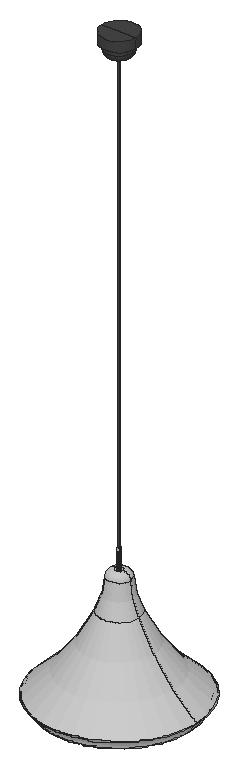
Revit family "Azalea(12,16,20,24) LED", category Lighting Fixtures, Revit 2020
Family settings
  Round Connector Dimension = Use Diameter
  Part Type = Normal
  OmniClass Number = 23.80.70.00
  OmniClass Title = Lighting
  Work Plane-Based = No
  Always vertical = Yes
  Cut with Voids When Loaded = No
  Light Source = Yes
  Shared = No
  Room Calculation Point = No
Parameters (values of type "MDA24")
  Weight = "5.5lbs"
  Wattage Comments = "16W"
  Wattage = 1.6 W
  Warranty = "5 year limited warranty"  # constant formula
  built-in parameter 1150110 = 1 (stored number, unit not read)
  Voltage = 277 V
  URL = "https://www.anplighting.com/assets/Uploads/product-attachments/specification-sheets/ANP-Specification-Sheet-LED-MDA24.pdf"
  built-in parameter 1114217 = 1 (stored number, unit not read)
  Tilt Angle = 90.00°
  built-in parameter 1150109 = 1 (stored number, unit not read)
  built-in parameter 1150134 = (empty or 0)
  built-in parameter 1150113 = 1 (stored number, unit not read)
  Mounting Option [instance] = 1
  Power Factor = 1
  Post Mount [instance] = Mounting Option = 5  # no
  Placement X axis side [instance] = if(Post Mount, 2' 2 15/32", if(Cord or Stem Mount, 0' 0", if(E36 20 inch, 1' 8 1/4", if(E 6 26 inch, 2' 2", if(E7 41 inch, 3' 5 1/4", 0' 1")))))  # 0' - 0"
  Photometric Web File = "MDA24M024LD35K.IES"
  Model = "MDA24"
  Manufacturer = "ANP Lighting"  # constant formula
  MDA24 = yes
  MDA20 = no
  MDA16 = no
  MDA12 = no
  built-in parameter 1150105 = 2000 (stored number, unit not read)
  Lumens = 2000 lm
  built-in parameter 1150115 = 1 (stored number, unit not read)
  Load Classification = Lighting
  Light Source Height [instance] = 1' - 6"
  built-in parameter 1150137 = (empty or 0)
  built-in parameter 1150139 = (empty or 0)
  Light Elevation _2 [instance] = if(Post Mount, 0' 0.66142", if(E7 41 inch, 0' 0.66142", if(E36 20 inch, 0' 1.65748", if(E 6 26 inch, 0' 1.53543", if(Cord or Stem Mount, (0' 4.3622" + Cord Length), 0' 0")))))  # 6' - 4.3622"
  Light Elevation _1 [instance] = if(Post Mount, 0' 0", if(E7 41 inch, 0' 0", if(E36 20 inch, 0' 1", if(E 6 26 inch, 0' 0.87402", if(Cord or Stem Mount, (0' 3.66142" + Cord Length), 0' 0")))))  # 6' - 3.66142"
  Light Elevation [instance] = if(Post Mount, 14' 0.5315", if(E7 41 inch, 0' 0", 0' 0"))  # 0' - 0"
  Life = "L70 50,000 hours"  # constant formula
  built-in parameter 1150112 = 1 (stored number, unit not read)
  built-in parameter 1150114 = 1 (stored number, unit not read)
  Lamp = "LED"
  built-in parameter 1150132 = 2
  built-in parameter 1150102 = (empty or 0)
  built-in parameter 1150107 = 2700 (stored number, unit not read)
  built-in parameter 1150138 = (empty or 0)
  built-in parameter 1150106 = 20 (stored number, unit not read)
  GLASS = Glass
  Fixture Height = 1' - 7"
  Fixture Finish = Fixture Finish
  Fixture Diameter = 2' - 0"
  Efficiency = "65-125 lumens per watt"  # constant formula
  built-in parameter 1150104 = 116.13 (stored number, unit not read)
  E7 41 inch [instance] = Mounting Option = 4  # no
  E36 20 inch [instance] = Mounting Option = 3  # no
  E 6 26 inch [instance] = Mounting Option = 2  # no
  Dimming Lamp Color Temperature Shift = <None>
  Dimming = "1%"  # constant formula
  Description = "120-277 Voltage"  # constant formula
  Default Elevation = 0' - 0"
  Cord or Stem Mount [instance] = Mounting Option = 1  # yes
  Cord Length option [instance] = 0
  Cord Length [instance] = if([2' Cord], 2' 0", if([4' Cord], 4' 0", if([8' Cord], 8' 0", if([10' Cord], 10' 0", if([6' Cord], 6' 0", 6' 0")))))  # 6' - 0"
  Construction Material = "Heavy Duty spun aluminum."  # constant formula
  Color Filter = 16777215
  CRI = ">90"  # constant formula
  Body Material = body
  Body Colour = "Spun aluminium"  # constant formula
  built-in parameter 1114218 = 1 (stored number, unit not read)
  built-in parameter 1150133 = 10 (stored number, unit not read)
  Apparent Load = 16 VA
  8' Cord [instance] = Cord Length option = 8  # no
  6' Cord [instance] = Cord Length option = 6  # no
  4' Cord [instance] = Cord Length option = 4  # no
  2' Cord [instance] = Cord Length option = 2  # no
  10' Cord [instance] = Cord Length option = 10  # no
Types (5): name | Weight | Wattage Comments | Wattage | URL | Photometric Web File | Model | MDA24 | MDA20 | MDA16 | MDA12 | built-in parameter 1150105 | Lumens | Light Source Height | built-in parameter 1150106 | Fixture Height | Fixture Diameter | Apparent Load
  (no name) | "5.5lbs" | "16W" | 1.6 W | "https://www.anplighting.com/assets/Uploads/product-attachments/specification-sheets/ANP-Specification-Sheet-LED-MDA24.pdf" | "MDA24M024LD35K.IES" | "MDA24" | yes | no | no | no | 2000 (stored number, unit not read) | 2000 lm | 1' - 6" | 20 (stored number, unit not read) | 1' - 7" | 2' - 0" | 16 VA
  MDA12 | "4.0lbs" | "10W" | 1 W | "https://www.anplighting.com/assets/Uploads/product-attachments/specification-sheets/ANP-Specification-Sheet-LED-MDA12.pdf" | "MDA12M010LD35K.IES" | "MDA12" | no | no | no | yes | 99.443 (stored number, unit not read) | 1250 lm | 0' - 8" | 0.99443 (stored number, unit not read) | 0' - 9 1/2" | 1' - 0" | 10 VA
  MDA16 | "4.5lbs" | "16W" | 1.6 W | "https://www.anplighting.com/assets/Uploads/product-attachments/specification-sheets/ANP-Specification-Sheet-LED-MDA16.pdf" | "MDA16M016LD35K.IES" | "MDA16" | no | no | yes | no | 2000 (stored number, unit not read) | 2000 lm | 1' - 0" | 20 (stored number, unit not read) | 1' - 0 1/2" | 1' - 4" | 16 VA
  MDA20 | "5.0lbs" | "16W" | 1.6 W | "https://www.anplighting.com/assets/Uploads/product-attachments/specification-sheets/ANP-Specification-Sheet-LED-MDA20.pdf" | "MDA20M016LD35K.IES" | "MDA20" | no | yes | no | no | 2000 (stored number, unit not read) | 2000 lm | 1' - 2" | 20 (stored number, unit not read) | 1' - 4" | 1' - 8" | 16 VA
  MDA24 | "5.5lbs" | "16W" | 1.6 W | "https://www.anplighting.com/assets/Uploads/product-attachments/specification-sheets/ANP-Specification-Sheet-LED-MDA24.pdf" | "MDA24M024LD35K.IES" | "MDA24" | yes | no | no | no | 2000 (stored number, unit not read) | 2000 lm | 1' - 6" | 20 (stored number, unit not read) | 1' - 7" | 2' - 0" | 16 VA
Reference planes (in)
  plane 1 "Light Source Axis (F/B)": y = 0
  plane 2: z = 0
  plane 3 "Light Source Axis (L/R)": x = 0
  plane 4 "Light Source Elevation": z = 0
  plane 5: z = 0
  plane 6: x = 0
  plane 7 "Bulb Position": z = -76.3622
  plane 8 "Canopy Position": z = -75.66142
  plane 9 "IES": z = -94.3622
Dimensions and locks (in)
  "Light Elevation": plane 5 to plane 2
  "Placement X axis side": plane 6 to plane 3 "Light Source Axis (L/R)"
  "Light Elevation _2": plane 5 to plane 7 "Bulb Position"
  "Light Elevation _1": plane 5 to plane 8 "Canopy Position"
  "Light Source Height": plane 7 "Bulb Position" to plane 9 "IES"
  locked: plane 4 "Light Source Elevation" to plane 2
  aligned and locked: level to plane 2
  aligned and locked: plane 1 "Light Source Axis (F/B)" to nested 5
  aligned and locked: nested 5 to plane 2
  aligned and locked: nested 1 to plane 3 "Light Source Axis (L/R)"
  aligned and locked: plane 3 "Light Source Axis (L/R)" to nested 2
  aligned and locked: plane 3 "Light Source Axis (L/R)" to nested 4
  aligned and locked: nested 3 to plane 5
  aligned and locked: plane 3 "Light Source Axis (L/R)" to nested 3
  aligned and locked: plane 3 "Light Source Axis (L/R)" to nested 5
  aligned and locked: plane 1 "Light Source Axis (F/B)" to nested 2
  aligned and locked: plane 1 "Light Source Axis (F/B)" to nested 1
  aligned and locked: plane 1 "Light Source Axis (F/B)" to nested 4
  aligned and locked: plane 1 "Light Source Axis (F/B)" to nested 3
  aligned and locked: plane 2 to nested 1
  aligned and locked: plane 2 to nested 2
  aligned and locked: nested 4 to plane 2
  aligned and locked: imposter light to plane 9 "IES"
  aligned and locked: imposter light to plane 6
  aligned and locked: nested 6 to plane 8 "Canopy Position"
  aligned and locked: nested 7 to plane 8 "Canopy Position"
  aligned and locked: nested 8 to plane 8 "Canopy Position"
  aligned and locked: nested 9 to plane 8 "Canopy Position"
  aligned and locked: nested 6 to plane 6
  aligned and locked: nested 7 to plane 6
  aligned and locked: nested 8 to plane 6
  aligned and locked: nested 9 to plane 6
Nested families (in)
  nested 1: "CORD OR STEM MOUNT" at (0, 0, -75.67), visible <- "Cord or Stem Mount", Cord or Stem Mount <- "Cord or Stem Mount", Body Material <- "Body Material", Light Elevation <- "Light Elevation", Cord Length <- "Cord Length", 10' Cord <- "10' Cord", 2' Cord <- "2' Cord", 4' Cord <- "4' Cord", 6' Cord <- "6' Cord", 8' Cord <- "8' Cord", type "CORD OR STEM MOUNT"
    with Light Elevation 0' - 0", Cord or Stem Mount yes, Cord Length 6' - 0", Body Material body, 8' Cord no, 6' Cord no, 4' Cord no, 2' Cord no, 10' Cord no
  nested 2: "E6 26 INCH" at (0, 0, 0), visible <- "E 6 26 inch", Chain Length <- "Cord Length", E 6 26 inch <- "E 6 26 inch", Placement X axis side <- "Placement X axis side", Body Material <- "Body Material", Light Elevation <- "Light Elevation", type "E6 26 INCH"
    with Placement X axis side 0' - 0", Light Elevation 0' - 0", E 6 26 inch no, Chain Length 6' - 0", Body Material body
  nested 3: "E7 41 INCH" at (0, 0, 0), Chain Length <- "Cord Length", visible <- "E7 41 inch", E7 41 inch <- "E7 41 inch", Placement X axis side <- "Placement X axis side", Body Material <- "Body Material", Light Elevation <- "Light Elevation", type "E7 41 INCH"
    with Placement X axis side 0' - 0", Light Elevation 0' - 0", E7 41 inch no, Chain Length 6' - 0", Body Material body
  nested 4: "E36 20 INCH" at (0, 0, 0), visible <- "E36 20 inch", E36 20 inch <- "E36 20 inch", Placement X axis side <- "Placement X axis side", Chain Length <- "Cord Length", Body Material <- "Body Material", Light Elevation <- "Light Elevation", type "E36 20 INCH"
    with Placement X axis side 0' - 0", Light Elevation 0' - 0", E36 20 inch no, Chain Length 6' - 0", Body Material body
  nested 5: "POST MOUNT" at (0, 0, 0), visible <- "Post Mount", Post Mount <- "Post Mount", Placement X axis side <- "Placement X axis side", Chain Length <- "Cord Length", Body Material <- "Body Material", Light Elevation <- "Light Elevation", type "POST MOUNT"
    with Post Mount no, Placement X axis side 0' - 0", Light Elevation 0' - 0", Chain Length 6' - 0", Body Material body
  nested 6: "MDA12" at (0, 0, -75.66142), Light Elevation <- "Light Elevation", Body <- "Fixture Finish", MDA12 <- "MDA12", visible <- "MDA12", Lens <- "GLASS", type "MDA12"
    with MDA12 no, Light Elevation 0' - 0", Lens Glass, Body Fixture Finish
  nested 7: "MDA16" at (0, 0, -75.66142), Light Elevation <- "Light Elevation", Body <- "Fixture Finish", MDA16 <- "MDA16", visible <- "MDA16", type "MDA16"
    with MDA16 no, Light Elevation 0' - 0", Lens Default, Body Fixture Finish
  nested 8: "MDA20-1" at (0, 0, -75.66142), Light Elevation <- "Light Elevation", Body <- "Fixture Finish", MDA20 <- "MDA20", visible <- "MDA20", type "MDA20-1"
    with MDA20 no, Light Elevation 0' - 0", Body Fixture Finish
  nested 9: "MDA24" at (0, 0, -75.66142), Light Elevation <- "Light Elevation", Body <- "Fixture Finish", visible <- "MDA24", MDA24 <- "MDA24", Lens <- "GLASS", type "MDA24"
    with MDA24 yes, Light Elevation 0' - 0", Lens Glass, Body Fixture Finish
Definition of nested family "CORD OR STEM MOUNT"
  Parameters (values of type "CORD OR STEM MOUNT")
    URL = ""
    Model = ""
    Manufacturer = ""
    Light Elevation [instance] = 1' - 7.69"
    Default Elevation = 0' - 0"
    Cord or Stem Mount [instance] = yes
    Cord Length [instance] = 6' - 0"
    Body Material [instance] = none
    8' Cord [instance] = no
    6' Cord [instance] = no
    4' Cord [instance] = no
    2' Cord [instance] = no
    10' Cord [instance] = no
  Reference planes (in)
    plane 1 "Light Source Axis (F/B)": y = 0
    plane 2: z = 0
    plane 3 "Light Source Axis (L/R)": x = 0
    plane 4 "Light Source Elevation": z = 23.125
    plane 5: z = 91.69
    plane 6: z = 19.69
  Forms (in)
    Extrusion 1, void, not visible
      sketch origin (0, 0, 2.38154) x (1, 0, 0) y (0, 0, 1)
        loop
          circle (0, 4.59925) r 0.16583
      from 1.18594 to 1.75
    Extrusion 2, void, not visible
      sketch origin (0, 0, 2.38154) x (0.707107, -0.707107, 0) y (0, 0, 1)
        loop
          circle (0, 4.59925) r 0.16583
      from 1.18594 to 1.75
    Extrusion 3, void, not visible
      sketch origin (0, 0, 2.38154) x (0.707107, 0.707107, 0) y (0, 0, 1)
        loop
          circle (0, 4.59925) r 0.16583
      from 1.18594 to 1.75
    Extrusion 4, void, not visible
      sketch origin (0, 0, 2.38154) x (0, 1, 0) y (0, 0, 1)
        loop
          circle (0, 4.59925) r 0.16583
      from 1.18594 to 1.75
    Extrusion 5, void, not visible
      sketch origin (0, 0, 2.38154) x (-0.707107, 0.707107, 0) y (0, 0, 1)
        loop
          circle (0, 4.59925) r 0.16583
      from 1.18594 to 1.75
    Extrusion 6, void, not visible
      sketch origin (0, 0, 2.38154) x (-1, 0, 0) y (0, 0, 1)
        loop
          circle (0, 4.59925) r 0.20678
      from 1.18594 to 1.75
    Extrusion 7, void, not visible
      sketch origin (0, 0, 2.38154) x (-0.707107, -0.707107, 0) y (0, 0, 1)
        loop
          circle (0, 4.59925) r 0.16583
      from 1.18594 to 1.75
    Extrusion 8, void, not visible
      sketch origin (0, 0, 2.38154) x (0, -1, 0) y (0, 0, 1)
        loop
          circle (0, 4.59925) r 0.16583
      from 1.18594 to 1.75
    Revolve 9, solid, material <- "Body Material", visible <- "Cord or Stem Mount"
      sketch origin (0, 0, 174.56698) x (1, 0, 0) y (0, 0, 1)
        loop
          line (2.6875, -79.20698) -> (0, -79.20698) -> (0, -82.87698) -> (0.125, -82.87698) -> (0.125, -82.83698) -> (0.75, -82.83698)
          arc (0.75, -82.83698) -> (0.81694, -82.77004) -> (0.75, -82.7031) r 0.06694
          line (0.75, -82.7031) -> (0.89763, -82.7031) -> (1.00223, -82.5985) -> (1.06587, -82.5985)
          arc (1.06587, -82.5985) -> (1.80099, -82.29401) -> (2.10549, -81.55888) r 1.03962
          line (2.10549, -81.55888) -> (2.10549, -81.03899)
          arc (2.10549, -81.03899) -> (2.12951, -80.981) -> (2.1875, -80.95698) r 0.08201
          line (2.1875, -80.95698) -> (2.1875, -80.70698) -> (2.6875, -80.70698) -> (2.6875, -79.20698)
        axis (0, -79.20698) -> (0, -82.87698)
      angle from 0 to 360
    Revolve 10, solid, material <- "Body Material", visible <- "Cord or Stem Mount"
      sketch origin (0, 0, 0) x (1, 0, 0) y (0, 0, 1)
        loop
          line (0, 91.69) -> (-0.125, 91.69) -> (-0.125, 19.69) -> (0, 19.69) -> (0, 91.69)
        axis (0, 19.69) -> (0, 91.69)
      angle from 0 to 360
  Dimensions and locks (in)
    "Light Elevation": plane 6 to plane 2
    "Cord Length": plane 5 to plane 6
    locked: Revolve 10 sketch curve to Revolve 10 sketch curve at 0.125
    aligned and locked: level to plane 2
    aligned and locked: Revolve 10 sketch curve to plane 3 "Light Source Axis (L/R)"
    aligned and locked: Revolve 10 sketch curve to plane 6
    aligned and locked: Revolve 10 sketch curve to plane 5
    aligned and locked: plane 3 "Light Source Axis (L/R)" to Revolve 10 sketch curve
  Automatic sketch dimensions
    Revolve 9 sketch curve to plane 3 "Light Source Axis (L/R)" = 0' - 0"  (x2)
    Revolve 9 sketch curve to plane 5 = 0' - 0"
    plane 3 "Light Source Axis (L/R)" to Revolve 9 sketch curve = 0' - 0 1/8"
    Revolve 9 sketch curve to plane 5 = 0' - 0.17388"
    Revolve 9 sketch curve to Revolve 9 sketch curve = 0' - 0 5/8"
    Revolve 9 sketch curve to Revolve 9 sketch curve = 0' - 0.14763"
    Revolve 9 sketch curve to plane 5 = 0' - 0.27847"
    Revolve 9 sketch curve to Revolve 9 sketch curve = 0' - 0.1046"
    Revolve 9 sketch curve to Revolve 9 sketch curve = 0' - 0.06364"
    Revolve 9 sketch curve to Revolve 9 sketch curve = 0' - 1.03962"
    Revolve 9 sketch curve to Revolve 9 sketch curve = 0' - 0 21/256"
    Revolve 9 sketch curve to Revolve 9 sketch curve = 0' - 0 1/2"  (x2)
    Revolve 9 sketch curve to Revolve 9 sketch curve = 0' - 0.51989"
    Revolve 9 sketch curve to Revolve 9 sketch curve = 0' - 0 1/4"
    Revolve 9 sketch curve to Revolve 9 sketch curve = 0' - 2.3519"
    Revolve 9 sketch curve to Revolve 9 sketch curve = 0' - 1 1/4"
    Revolve 9 sketch curve to Revolve 9 sketch curve = 0' - 0.04"
    Revolve 10 sketch curve to Revolve 10 sketch curve = 0' - 0 1/2"
    Revolve 10 sketch curve to Revolve 10 sketch curve = 0' - 0.42345"
Definition of nested family "MDA24"
  Parameters (values of type "MDA24")
    MDA24 [instance] = yes
    Light Elevation [instance] = 0' - 0"
    Lens [instance] = none
    Default Elevation = 0' - 0"
    Body [instance] = none
  Reference planes (in)
    plane 1 "Center (Front/Back)": y = 0
    plane 2: z = 0
    plane 3 "Center (Left/Right)": x = 0
    plane 4: z = 0
  Dimensions and locks (in)
    "Light Elevation": plane 4 to plane 2
    aligned and locked: plane 2 to level
    aligned and locked: plane 3 "Center (Left/Right)" to nested 1
    aligned and locked: plane 1 "Center (Front/Back)" to nested 1
    aligned and locked: nested 1 to plane 4
  Nested families (in)
    nested 1: "MDA24" at (0, 0, -19), Lens <- "Lens", Body <- "Body", visible <- "MDA24", type "MDA24"
      with Lens none, Body none
  Definition of nested family "MDA24"
    Parameters (values of type "MDA24")
      Lens [instance] = none
      Default Elevation = 0' - 0"
      Body [instance] = none
    Reference planes (in)
      plane 1 "Center (Front/Back)": y = 0
      plane 2: z = 0
      plane 3 "Center (Left/Right)": x = 0
    Forms (in)
      Revolve 1, solid, material <- "Body"
        sketch origin (0, 0, -1) x (1, 0, 0) y (0, 0, 1)
          loop
            line (-0.25, 19.5) -> (-0.125, 19.5) -> (-0.125, 23) -> (-0.25, 23) -> (-0.25, 19.5)
          axis (0, 19.5) -> (0, 23)
        angle from 0 to 360
      Revolve 2, solid, material <- "Body"
        sketch origin (0, 0, -1) x (1, 0, 0) y (0, 0, 1)
          loop
            arc (-3.03395, 14.14321) -> (-6.91841, 7.80581) -> (-12.17973, 2.55507) r 31.5
            arc (-12.17973, 2.55507) -> (-12.20253, 2.50404) -> (-12.17336, 2.45635) r 0.06
            arc (-12.17336, 2.45635) -> (-11.51216, 1.85617) -> (-11.13649, 1.04606) r 2.25
            arc (-11.13649, 1.04606) -> (-11.11531, 1.0129) -> (-11.07813, 1) r 0.06
            line (-11.07813, 1) -> (-11.01563, 1) -> (-11.01563, 1.08) -> (-11.0624, 1.08)
            arc (-11.0624, 1.08) -> (-11.44379, 1.89822) -> (-12.10756, 2.51006) r 2.33
            arc (-12.10756, 2.51006) -> (-6.84665, 7.7676) -> (-2.96128, 14.10974) r 31.58
            arc (-2.96128, 14.10974) -> (-2.11564, 16.48565) -> (-1.70741, 18.9743) r 14.08
            arc (-1.70741, 18.9743) -> (-1.3846, 19.64706) -> (-0.69012, 19.92) r 1.02
            line (-0.69012, 19.92) -> (-0.25, 19.92) -> (-0.25, 20) -> (-0.69012, 20)
            arc (-0.69012, 20) -> (-1.43907, 19.70565) -> (-1.7872, 18.98013) r 1.1
            arc (-1.7872, 18.98013) -> (-2.19311, 16.50562) -> (-3.03395, 14.14321) r 14
          axis (0, 1) -> (0, 20)
        angle from 0 to 360
      Revolve 3, solid, material <- "Lens"
        sketch origin (0, 0, -1) x (1, 0, 0) y (0, 0, 1)
          loop
            line (0, 2.76228) -> (-11.625, 2.76228) -> (-11.625, 2.69978) -> (0, 2.69978) -> (0, 2.76228)
          axis (0, 2.69978) -> (0, 2.76228)
        angle from 0 to 360
    Dimensions and locks (in)
      aligned and locked: plane 2 to level
Definition of nested family "E6 26 INCH"
  Parameters (values of type "E6 26 INCH")
    URL = ""
    Placement X axis side [instance] = 2' - 2"
    Model = ""
    Manufacturer = ""
    Light Elevation [instance] = 8' - 4"
    E 6 26 inch [instance] = yes
    Default Elevation = 0' - 0"
    Chain Length [instance] = 0' - 0"
    Body Material [instance] = none
  Reference planes (in)
    plane 1 "Light Source Axis (F/B)": y = 0
    plane 2: z = 0
    plane 3 "Light Source Axis (L/R)": x = 0
    plane 4 "Light Source Elevation": z = 23.125
    plane 5: z = 100
    plane 6: x = -26
    plane 7: z = 99.125
    plane 8: x = -24.12
    plane 9: x = -25.5474
  Forms (in)
    Extrusion 1, void, not visible
      sketch origin (0, 0, 2.38154) x (1, 0, 0) y (0, 0, 1)
        loop
          circle (0, 4.59925) r 0.16583
      from 1.18594 to 1.75
    Extrusion 2, void, not visible
      sketch origin (0, 0, 2.38154) x (0.707107, -0.707107, 0) y (0, 0, 1)
        loop
          circle (0, 4.59925) r 0.16583
      from 1.18594 to 1.75
    Extrusion 3, void, not visible
      sketch origin (0, 0, 2.38154) x (0.707107, 0.707107, 0) y (0, 0, 1)
        loop
          circle (0, 4.59925) r 0.16583
      from 1.18594 to 1.75
    Extrusion 4, void, not visible
      sketch origin (0, 0, 2.38154) x (0, 1, 0) y (0, 0, 1)
        loop
          circle (0, 4.59925) r 0.16583
      from 1.18594 to 1.75
    Extrusion 5, void, not visible
      sketch origin (0, 0, 2.38154) x (-0.707107, 0.707107, 0) y (0, 0, 1)
        loop
          circle (0, 4.59925) r 0.16583
      from 1.18594 to 1.75
    Extrusion 6, void, not visible
      sketch origin (0, 0, 2.38154) x (-1, 0, 0) y (0, 0, 1)
        loop
          circle (0, 4.59925) r 0.20678
      from 1.18594 to 1.75
    Extrusion 7, void, not visible
      sketch origin (0, 0, 2.38154) x (-0.707107, -0.707107, 0) y (0, 0, 1)
        loop
          circle (0, 4.59925) r 0.16583
      from 1.18594 to 1.75
    Extrusion 8, void, not visible
      sketch origin (0, 0, 2.38154) x (0, -1, 0) y (0, 0, 1)
        loop
          circle (0, 4.59925) r 0.16583
      from 1.18594 to 1.75
    Sweep 9, solid, material <- "Body Material", visible <- "E 6 26 inch"
      path origin (-41.25, 0, 168.51693) x (1, 0, 0) y (0, 0, 1)
        loop
          line (17.13, -68.51693) -> (27.68551, -68.51693)
          arc (27.68551, -68.51693) -> (28.47996, -68.34486) -> (29.13202, -67.8595) r 1.92004
          line (29.13202, -67.8595) -> (34.23651, -62.01155)
          arc (34.23651, -62.01155) -> (38.65464, -60.89667) -> (41.25, -64.64193) r 4
          line (41.25, -64.64193) -> (41.25, -69.39193)
      profile origin (-18.84224, 0, 100) x (0, 0, 1) y (0, -1, 0)
        loop
          circle (0, 0) r 0.5
    Revolve 10, solid, material <- "Body Material", visible <- "E 6 26 inch"
      sketch origin (-26, 0, 168.51693) x (1, 0, 0) y (0, 0, 1)
        loop
          line (0, -66.07943) -> (0, -68.51693) -> (1.88, -68.51693) -> (1.88, -67.69272) -> (0.4526, -67.69272) -> (0.4526, -66.54122) -> (0.33125, -66.54122) -> (0.33125, -66.07943) -> (0, -66.07943)
        axis (0, -68.51693) -> (1.88, -68.51693)
      angle from 0 to 360
    Extrusion 11, solid, material <- "Body Material", visible <- "E 6 26 inch"
      sketch origin (-26, 0, 168.51693) x (0, -1, 0) y (0, 0, -1)
        loop
          line (0.25, 68.51693) -> (0.25, 69.51693) -> (-0.25, 69.51693) -> (-0.25, 68.51693) -> (0.25, 68.51693)
      from 0.4526 to 1.88
  Cuts and joins
    joined: Revolve 10, Extrusion 11
  Dimensions and locks (in)
    "Light Elevation": plane 5 to plane 2
    "Placement X axis side": plane 3 "Light Source Axis (L/R)" to plane 6
    locked: plane 5 to plane 7 at 0.875
    Revolve 10 sketch curve to Revolve 10 sketch curve to Revolve 10 sketch curve to plane 6 = 0' - 1.4274" locked, 0' - 0.12135" locked, 0' - 0.33125" locked
    Revolve 10 sketch curve to Revolve 10 sketch curve to Revolve 10 sketch curve to plane 5 = 0' - 0.46179" locked, 0' - 1.1515" locked, 0' - 0 211/256" locked
    locked: Sweep 9 sketch curve to plane 6 at 1.88
    locked: Sweep 9 sketch curve to Sweep 9 sketch curve at 10.55551
    locked: Sweep 9 sketch curve to Sweep 9 sketch curve at 13.56449
    locked: Sweep 9 sketch curve to Sweep 9 sketch curve at 4.75
    locked: plane 9 to plane 6 at 0.4526
    locked: plane 8 to plane 9 at 1.4274
    aligned and locked: level to plane 2
    aligned and locked: Revolve 10 sketch curve to plane 6
    aligned and locked: plane 5 to Revolve 10 sketch curve
    aligned and locked: Revolve 10 sketch curve to plane 5
    aligned and locked: cut or joined group of Revolve 10, Extrusion 11 to plane 9
    aligned and locked: plane 8 to cut or joined group of Revolve 10, Extrusion 11
  Automatic sketch dimensions
    Sweep 9 sketch curve to plane 5 = 0' - 0"
    Sweep 9 sketch curve to Sweep 9 sketch curve = 0' - 4"
    Sweep 9 sketch curve to Sweep 9 sketch curve = 0' - 3.01349"
    plane 5 to Sweep 9 sketch curve = 0' - 0.65743"
    Sweep 9 sketch curve to Sweep 9 sketch curve = 0' - 1.4465"
    Sweep 9 sketch curve to plane 5 = 0' - 0 7/8"
    profile plane to Sweep 9 sketch curve = 0' - 0"
    Sweep 9 sketch curve to profile plane = 0' - 0"
    plane 6 to Revolve 10 sketch curve = 0' - 0.62562"
    Revolve 10 sketch curve to Revolve 10 sketch curve = 0' - 0 1/2"
    Extrusion 11 sketch curve to plane 5 = 0' - 0"
    plane 1 "Light Source Axis (F/B)" to Extrusion 11 sketch curve = 0' - 0 1/4"
    Extrusion 11 sketch curve to plane 1 "Light Source Axis (F/B)" = 0' - 0 1/4"
    plane 5 to Extrusion 11 sketch curve = 0' - 1"
    radius of Sweep 9 sketch curve = 0' - 0 1/2"
Definition of nested family "E7 41 INCH"
  Parameters (values of type "E7 41 INCH")
    URL = ""
    Placement X axis side [instance] = 4' - 2"
    Model = ""
    Manufacturer = ""
    Light Elevation [instance] = 8' - 4"
    E7 41 inch [instance] = yes
    Default Elevation = 0' - 0"
    Chain Length [instance] = 0' - 0"
    Body Material [instance] = none
  Reference planes (in)
    plane 1 "Light Source Axis (F/B)": y = 0
    plane 2: z = 0
    plane 3 "Light Source Axis (L/R)": x = 0
    plane 4 "Light Source Elevation": z = 23.125
    plane 5: z = 100
    plane 6: x = -50
  Forms (in)
    Extrusion 1, void, not visible
      sketch origin (0, 0, 2.38154) x (1, 0, 0) y (0, 0, 1)
        loop
          circle (0, 4.59925) r 0.16583
      from 1.18594 to 1.75
    Extrusion 2, void, not visible
      sketch origin (0, 0, 2.38154) x (0.707107, -0.707107, 0) y (0, 0, 1)
        loop
          circle (0, 4.59925) r 0.16583
      from 1.18594 to 1.75
    Extrusion 3, void, not visible
      sketch origin (0, 0, 2.38154) x (0.707107, 0.707107, 0) y (0, 0, 1)
        loop
          circle (0, 4.59925) r 0.16583
      from 1.18594 to 1.75
    Extrusion 4, void, not visible
      sketch origin (0, 0, 2.38154) x (0, 1, 0) y (0, 0, 1)
        loop
          circle (0, 4.59925) r 0.16583
      from 1.18594 to 1.75
    Extrusion 5, void, not visible
      sketch origin (0, 0, 2.38154) x (-0.707107, 0.707107, 0) y (0, 0, 1)
        loop
          circle (0, 4.59925) r 0.16583
      from 1.18594 to 1.75
    Extrusion 6, void, not visible
      sketch origin (0, 0, 2.38154) x (-1, 0, 0) y (0, 0, 1)
        loop
          circle (0, 4.59925) r 0.20678
      from 1.18594 to 1.75
    Extrusion 7, void, not visible
      sketch origin (0, 0, 2.38154) x (-0.707107, -0.707107, 0) y (0, 0, 1)
        loop
          circle (0, 4.59925) r 0.16583
      from 1.18594 to 1.75
    Extrusion 8, void, not visible
      sketch origin (0, 0, 2.38154) x (0, -1, 0) y (0, 0, 1)
        loop
          circle (0, 4.59925) r 0.16583
      from 1.18594 to 1.75
    Revolve 9, solid, material <- "Body Material", visible <- "E7 41 inch"
      sketch origin (-41.25, 0, 168.39193) x (1, 0, 0) y (0, 0, 1)
        loop
          line (-8.75, -66.20443) -> (-8.75, -68.51693) -> (-6.87, -68.51693) -> (-6.87, -67.69272) -> (-8.2974, -67.69272) -> (-8.2974, -66.54122) -> (-8.41875, -66.54122) -> (-8.41875, -66.20443) -> (-8.75, -66.20443)
        axis (-8.75, -68.51693) -> (-6.87, -68.51693)
      angle from 0 to 360
    Extrusion 10, solid, material <- "Body Material", visible <- "E7 41 inch"
      sketch origin (-41.25, 0, 168.39193) x (0, -1, 0) y (0, 0, -1)
        loop
          line (0.25, 68.51693) -> (0.25, 69.51693) -> (-0.25, 69.51693) -> (-0.25, 68.51693) -> (0.25, 68.51693)
      from -8.2974 to -6.87
    Sweep 11, solid, material <- "Body Material", visible <- "E7 41 inch"
      path origin (-41.25, 0, 168.39193) x (1, 0, 0) y (0, 0, 1)
        loop
          line (-6.87, -68.51693) -> (16.04011, -68.51693)
          arc (16.04011, -68.51693) -> (17.864, -68.13651) -> (19.38375, -67.0587) r 4.5625
          line (19.38375, -67.0587) -> (24.70217, -61.33018)
          arc (24.70217, -61.33018) -> (29.64465, -60.20324) -> (32.5, -64.39193) r 4.5
          line (32.5, -64.39193) -> (32.5, -68.39193)
      profile origin (-36.66494, 0, 99.875) x (0, 0, 1) y (0, -1, 0)
        loop
          circle (0, 0) r 0.5
  Dimensions and locks (in)
    "Placement X axis side": plane 3 "Light Source Axis (L/R)" to plane 6
    "Light Elevation": plane 5 to plane 2
    locked: Revolve 9 sketch curve to Revolve 9 sketch curve at 0.33125
    locked: Revolve 9 sketch curve to Revolve 9 sketch curve at 0.4526
    locked: Revolve 9 sketch curve to Revolve 9 sketch curve at 1.88
    locked: Revolve 9 sketch curve to Revolve 9 sketch curve at 0.82421
    locked: Revolve 9 sketch curve to Revolve 9 sketch curve at 1.1515
    locked: Revolve 9 sketch curve to Revolve 9 sketch curve at 0.33679
    locked: plane 5 to Revolve 9 sketch curve at 0.125
    locked: Extrusion 10 sketch curve to Extrusion 10 sketch curve at 0.5
    locked: Extrusion 10 sketch curve to Extrusion 10 sketch curve at 1
    locked: plane 5 to Extrusion 10 sketch curve at 0.125
    locked: plane 5 to Sweep 11 sketch curve at 0.125
    locked: Sweep 11 sketch curve to Sweep 11 sketch curve at 39.37
    locked: Sweep 11 sketch curve to Sweep 11 sketch curve at 4
    locked: plane 6 to Extrusion 10 at 0.4526
    locked: Sweep 11 sketch curve to plane 6 at 1.88
    locked: Extrusion 10 to Extrusion 10 at 1.4274
    aligned and locked: plane 2 to level
    aligned and locked: Revolve 9 sketch curve to plane 6
  Automatic sketch dimensions
    Revolve 9 sketch curve to plane 5 = 0' - 0 1/8"
    plane 6 to Revolve 9 sketch curve = 0' - 0.62562"
    Revolve 9 sketch curve to Revolve 9 sketch curve = 0' - 0 1/2"
    plane 1 "Light Source Axis (F/B)" to Extrusion 10 sketch curve = 0' - 0 1/4"
    Sweep 11 sketch curve to plane 5 = 0' - 0"
    Sweep 11 sketch curve to Sweep 11 sketch curve = 0' - 4 1/2"
    Sweep 11 sketch curve to Sweep 11 sketch curve = 0' - 3.29783"
    plane 5 to Sweep 11 sketch curve = 0' - 1.33323"
    Sweep 11 sketch curve to Sweep 11 sketch curve = 0' - 5.31842"
    Sweep 11 sketch curve to Sweep 11 sketch curve = 0' - 3.34364"
    profile plane to Sweep 11 sketch curve = 0' - 0"
    Sweep 11 sketch curve to profile plane = 0' - 0"
    radius of Sweep 11 sketch curve = 0' - 0 1/2"
Definition of nested family "E36 20 INCH"
  Parameters (values of type "E36 20 INCH")
    URL = ""
    Placement X axis side [instance] = 1' - 8 1/4"
    Model = ""
    Manufacturer = ""
    Light Elevation [instance] = 8' - 4"
    E36 20 inch [instance] = yes
    Default Elevation = 0' - 0"
    Chain Length [instance] = 0' - 0"
    Body Material [instance] = none
  Reference planes (in)
    plane 1 "Light Source Axis (F/B)": y = 0
    plane 2: z = 0
    plane 3 "Light Source Axis (L/R)": x = 0
    plane 4 "Light Source Elevation": z = 23.125
    plane 5: z = 99
    plane 6: x = -20.25
    plane 7: z = 100
    plane 8: x = -18.37008
    plane 9: x = -19.79724
  Forms (in)
    Extrusion 1, void, not visible
      sketch origin (0, 0, 2.38154) x (1, 0, 0) y (0, 0, 1)
        loop
          circle (0, 4.59925) r 0.16583
      from 1.18594 to 1.75
    Extrusion 2, void, not visible
      sketch origin (0, 0, 2.38154) x (0.707107, -0.707107, 0) y (0, 0, 1)
        loop
          circle (0, 4.59925) r 0.16583
      from 1.18594 to 1.75
    Extrusion 3, void, not visible
      sketch origin (0, 0, 2.38154) x (0.707107, 0.707107, 0) y (0, 0, 1)
        loop
          circle (0, 4.59925) r 0.16583
      from 1.18594 to 1.75
    Extrusion 4, void, not visible
      sketch origin (0, 0, 2.38154) x (0, 1, 0) y (0, 0, 1)
        loop
          circle (0, 4.59925) r 0.16583
      from 1.18594 to 1.75
    Extrusion 5, void, not visible
      sketch origin (0, 0, 2.38154) x (-0.707107, 0.707107, 0) y (0, 0, 1)
        loop
          circle (0, 4.59925) r 0.16583
      from 1.18594 to 1.75
    Extrusion 6, void, not visible
      sketch origin (0, 0, 2.38154) x (-1, 0, 0) y (0, 0, 1)
        loop
          circle (0, 4.59925) r 0.20678
      from 1.18594 to 1.75
    Extrusion 7, void, not visible
      sketch origin (0, 0, 2.38154) x (-0.707107, -0.707107, 0) y (0, 0, 1)
        loop
          circle (0, 4.59925) r 0.16583
      from 1.18594 to 1.75
    Extrusion 8, void, not visible
      sketch origin (0, 0, 2.38154) x (0, -1, 0) y (0, 0, 1)
        loop
          circle (0, 4.59925) r 0.16583
      from 1.18594 to 1.75
    Sweep 9, solid, material <- "Body Material", visible <- "E36 20 inch"
      path origin (-41.25, 0, 169.51693) x (1, 0, 0) y (0, 0, 1)
        loop
          line (22.88, -69.51693) -> (28.93827, -69.51693)
          arc (28.93827, -69.51693) -> (29.97705, -69.28152) -> (30.81284, -68.62128) r 2.40953
          line (30.81284, -68.62128) -> (34.13807, -64.50378)
          arc (34.13807, -64.50378) -> (38.58272, -63.24548) -> (41.25, -67.01693) r 4
          line (41.25, -67.01693) -> (41.25, -70.51693)
      profile origin (-15.34086, 0, 100) x (0, 0, 1) y (0, -1, 0)
        loop
          circle (0, 0) r 0.5
    Revolve 10, solid, material <- "Body Material", visible <- "E36 20 inch"
      sketch origin (-20.25, 0, 169.51693) x (1, 0, 0) y (0, 0, 1)
        loop
          line (0, -67.20443) -> (0, -69.51693) -> (1.88, -69.51693) -> (1.88, -68.69272) -> (0.4526, -68.69272) -> (0.4526, -67.54122) -> (0.33125, -67.54122) -> (0.33125, -67.20443) -> (0, -67.20443)
        axis (0, -69.51693) -> (1.88, -69.51693)
      angle from 0 to 360
    Extrusion 11, solid, material <- "Body Material", visible <- "E36 20 inch"
      sketch origin (-20.25, 0, 169.51693) x (0, -1, 0) y (0, 0, -1)
        loop
          line (0.25, 69.51693) -> (0.25, 70.51693) -> (-0.25, 70.51693) -> (-0.25, 69.51693) -> (0.25, 69.51693)
      from 1.87992 to 0.45276
  Cuts and joins
    joined: Revolve 10, Extrusion 11
  Dimensions and locks (in)
    "Light Elevation": plane 7 to plane 2
    "Placement X axis side": plane 3 "Light Source Axis (L/R)" to plane 6
    locked: plane 7 to plane 5 at 1
    Revolve 10 sketch curve to Revolve 10 sketch curve to Revolve 10 sketch curve to plane 7 = 0' - 0.33679" locked, 0' - 1.1515" locked, 0' - 0 211/256" locked
    locked: Sweep 9 sketch curve to plane 6 at 1.88
    locked: Sweep 9 sketch curve to Sweep 9 sketch curve at 6.05827
    locked: Sweep 9 sketch curve to Sweep 9 sketch curve at 12.31173
    locked: Sweep 9 sketch curve to Sweep 9 sketch curve at 3.5
    Revolve 10 sketch curve to Revolve 10 sketch curve to Revolve 10 sketch curve to plane 6 = 0' - 1.4274" locked, 0' - 0.12135" locked, 0' - 0.33125" locked
    locked: plane 9 to plane 6 at 0.45276
    locked: plane 8 to plane 9 at 1.42717
    aligned and locked: level to plane 2
    aligned and locked: plane 7 to Revolve 10 sketch curve
    aligned and locked: Revolve 10 sketch curve to plane 7
    aligned and locked: Revolve 10 sketch curve to plane 6
    aligned and locked: cut or joined group of Revolve 10, Extrusion 11 to plane 9
    aligned and locked: plane 8 to cut or joined group of Revolve 10, Extrusion 11
  Automatic sketch dimensions
    Sweep 9 sketch curve to plane 7 = 0' - 0"
    Sweep 9 sketch curve to plane 5 = 0' - 0"
    Sweep 9 sketch curve to Sweep 9 sketch curve = 0' - 4"
    Sweep 9 sketch curve to plane 7 = 0' - 0.89565"
    Sweep 9 sketch curve to Sweep 9 sketch curve = 0' - 3.32523"
    Sweep 9 sketch curve to Sweep 9 sketch curve = 0' - 1.87457"
    profile plane to Sweep 9 sketch curve = 0' - 0"
    Sweep 9 sketch curve to profile plane = 0' - 0"
    plane 6 to Revolve 10 sketch curve = 0' - 0.62562"
    Revolve 10 sketch curve to Revolve 10 sketch curve = 0' - 0 1/2"
    plane 7 to Extrusion 11 sketch curve = 0' - 0"
    Extrusion 11 sketch curve to plane 5 = 0' - 0"
    plane 1 "Light Source Axis (F/B)" to Extrusion 11 sketch curve = 0' - 0 1/4"
    Extrusion 11 sketch curve to plane 1 "Light Source Axis (F/B)" = 0' - 0 1/4"
    radius of Sweep 9 sketch curve = 0' - 0 1/2"
Definition of nested family "POST MOUNT"
  Parameters (values of type "POST MOUNT")
    URL = ""
    Post Mount [instance] = yes
    Placement X axis side [instance] = 2' - 2 1/2"
    Model = ""
    Manufacturer = ""
    Light Elevation [instance] = 14' - 0.5168"
    Default Elevation = 0' - 0"
    Chain Length [instance] = 0' - 0"
    Body Material [instance] = none
  Reference planes (in)
    plane 1 "Light Source Axis (F/B)": y = 0
    plane 2: z = 0
    plane 3 "Light Source Axis (L/R)": x = 0
    plane 4 "Light Source Elevation": z = 23.125
    plane 5: x = -26.5
    plane 6: z = 168.5168
  Forms (in)
    Extrusion 1, void, not visible
      sketch origin (0, 0, 2.38154) x (1, 0, 0) y (0, 0, 1)
        loop
          circle (0, 4.59925) r 0.16583
      from 1.18594 to 1.75
    Extrusion 2, void, not visible
      sketch origin (0, 0, 2.38154) x (0.707107, -0.707107, 0) y (0, 0, 1)
        loop
          circle (0, 4.59925) r 0.16583
      from 1.18594 to 1.75
    Extrusion 3, void, not visible
      sketch origin (0, 0, 2.38154) x (0.707107, 0.707107, 0) y (0, 0, 1)
        loop
          circle (0, 4.59925) r 0.16583
      from 1.18594 to 1.75
    Extrusion 4, void, not visible
      sketch origin (0, 0, 2.38154) x (0, 1, 0) y (0, 0, 1)
        loop
          circle (0, 4.59925) r 0.16583
      from 1.18594 to 1.75
    Extrusion 5, void, not visible
      sketch origin (0, 0, 2.38154) x (-0.707107, 0.707107, 0) y (0, 0, 1)
        loop
          circle (0, 4.59925) r 0.16583
      from 1.18594 to 1.75
    Extrusion 6, void, not visible
      sketch origin (0, 0, 2.38154) x (-1, 0, 0) y (0, 0, 1)
        loop
          circle (0, 4.59925) r 0.20678
      from 1.18594 to 1.75
    Extrusion 7, void, not visible
      sketch origin (0, 0, 2.38154) x (-0.707107, -0.707107, 0) y (0, 0, 1)
        loop
          circle (0, 4.59925) r 0.16583
      from 1.18594 to 1.75
    Extrusion 8, void, not visible
      sketch origin (0, 0, 2.38154) x (0, -1, 0) y (0, 0, 1)
        loop
          circle (0, 4.59925) r 0.16583
      from 1.18594 to 1.75
    Revolve 9, solid, material <- "Body Material", visible <- "Post Mount"
      sketch origin (-7.90508, 0, 0) x (1, 0, 0) y (0, 0, 1)
        loop
          line (-18.59492, 3.92912) -> (-16.29831, 3.92912) -> (-16.29831, 4.2668) -> (-16.91413, 4.2668) -> (-16.91413, 134.5168) -> (-17.16413, 134.5168) -> (-17.16413, 137.3918) -> (-17.05979, 137.3918)
          arc (-17.05979, 137.3918) -> (-16.93479, 137.5168) -> (-17.05979, 137.6418) r 0.125
          line (-17.05979, 137.6418) -> (-17.48032, 137.6418) -> (-17.48032, 139.0793) -> (-17.73032, 139.0793) -> (-17.73032, 139.5793) -> (-18.59492, 139.5793) -> (-18.59492, 3.92912)
        axis (-18.59492, 139.5793) -> (-18.59492, 3.92912)
      angle from 0 to 360
    Extrusion 10, solid, material <- "Body Material", visible <- "Post Mount"
      sketch origin (0, 0, 0) x (1, 0, 0) y (0, 1, 0)
        loop
          line (-20.5, 5.93079) -> (-32.5, 5.93079) -> (-32.5, -6.06921) -> (-20.5, -6.06921) -> (-20.5, 5.93079)
      from 0 to 3.92912
    Sweep 11, solid, material <- "Body Material", visible <- "Post Mount"
      path origin (0, 0, 48.5) x (1, 0, 0) y (0, 0, 1)
        loop
          line (0, 120.0168) -> (0, 128.0168)
          arc (0, 128.0168) -> (-13.25, 141.2668) -> (-26.5, 128.0168) r 13.25
          line (-26.5, 128.0168) -> (-26.5, 91.0793)
      profile origin (0, 0, 172.5168) x (-1, 0, 0) y (0, -1, 0)
        loop
          circle (0, 0) r 0.5
    Revolve 12, solid, material <- "Body Material", visible <- "Post Mount"
      sketch origin (0, 0, 0) x (1, 0, 0) y (0, 0, 1)
        loop
          line (0, 168.5168) -> (0.75, 168.5168) -> (0.75, 170.7668) -> (0, 170.7668) -> (0, 168.5168)
        axis (0, 170.7668) -> (0, 168.5168)
      angle from 0 to 360
  Cuts and joins
    joined: Revolve 9, Extrusion 10, Sweep 11, Revolve 12
  Dimensions and locks (in)
    "Placement X axis side": plane 3 "Light Source Axis (L/R)" to plane 5
    "Light Elevation": plane 6 to plane 2
    locked: Revolve 12 sketch curve to plane 5 at 26.5  (x2)
    locked: Revolve 9 sketch curve to plane 2 at 3.92912
    locked: Revolve 9 sketch curve to plane 5 at 2.29661
    locked: Revolve 9 sketch curve to plane 5 at 1.68079
    locked: Revolve 9 sketch curve to plane 5 at 1.43079
    locked: Revolve 9 sketch curve to plane 5 at 1.11461
    locked: Revolve 9 sketch curve to plane 5 at 0.86461
    locked: Revolve 9 sketch curve to Revolve 9 sketch curve at 130.58768
    locked: Revolve 9 sketch curve to Revolve 9 sketch curve at 2.875
    locked: Revolve 9 sketch curve to Revolve 9 sketch curve at 0.25
    locked: Revolve 9 sketch curve to Revolve 9 sketch curve at 1.4375
    locked: Revolve 9 sketch curve to Revolve 9 sketch curve at 0.5
    locked: Sweep 11 sketch curve to Sweep 11 sketch curve at 26.5
    locked: Revolve 12 sketch curve to Revolve 12 sketch curve at 0.75
    locked: cut or joined group of Revolve 9, Extrusion 10, Sweep 11, Revolve 12 to plane 2 at 139.5793
    aligned and locked: level to plane 2
    aligned and locked: plane 5 to Sweep 11 sketch curve
    aligned and locked: Revolve 9 sketch curve to plane 5
  Automatic sketch dimensions
    Revolve 9 sketch curve to plane 5 = 0' - 0"
    Revolve 9 sketch curve to Revolve 9 sketch curve = 0' - 0.10434"
    Revolve 9 sketch curve to Revolve 9 sketch curve = 0' - 0.33768"
    Revolve 9 sketch curve to Revolve 9 sketch curve = 0' - 0 1/4"
    Revolve 9 sketch curve to Revolve 9 sketch curve = 0' - 0 7/16"
    Extrusion 10 sketch curve to plane 5 = 0' - 6"
    plane 5 to Extrusion 10 sketch curve = 0' - 6"
    plane 1 "Light Source Axis (F/B)" to Extrusion 10 sketch curve = 0' - 6.06921"
    Extrusion 10 sketch curve to plane 1 "Light Source Axis (F/B)" = 0' - 5.93079"
    Sweep 11 sketch curve to profile plane = 0' - 0"
    profile plane to Sweep 11 sketch curve = 0' - 0"
    Sweep 11 sketch curve to plane 6 = 0' - 0"
    Sweep 11 sketch curve to plane 6 = 0' - 8"
    plane 6 to Sweep 11 sketch curve = 2' - 4 15/16"
    Revolve 12 sketch curve to plane 6 = 0' - 0"
    Revolve 12 sketch curve to plane 6 = 0' - 2 1/4"
    Revolve 12 sketch curve to Revolve 12 sketch curve = 0' - 0 1/2"
    Revolve 12 sketch curve to Revolve 12 sketch curve = 0' - 0"
    radius of Sweep 11 sketch curve = 0' - 0 1/2"
Definition of nested family "MDA12"
  Parameters (values of type "MDA12")
    MDA12 [instance] = yes
    Light Elevation [instance] = 0' - 0"
    Lens [instance] = none
    Default Elevation = 0' - 0"
    Body [instance] = none
  Reference planes (in)
    plane 1 "Center (Front/Back)": y = 0
    plane 2: z = 0
    plane 3 "Center (Left/Right)": x = 0
    plane 4: z = 0
  Dimensions and locks (in)
    "Light Elevation": plane 4 to plane 2
    aligned and locked: plane 2 to level
    aligned and locked: plane 3 "Center (Left/Right)" to nested 1
    aligned and locked: plane 1 "Center (Front/Back)" to nested 1
    aligned and locked: nested 1 to plane 4
  Nested families (in)
    nested 1: "MDA12" at (0, 0, -9.5), Lens <- "Lens", Body <- "Body", visible <- "MDA12", type "MDA12"
      with Lens none, Body none
  Definition of nested family "MDA12"
    Parameters (values of type "MDA12")
      Lens [instance] = none
      Default Elevation = 0' - 0"
      Body [instance] = none
    Reference planes (in)
      plane 1 "Center (Front/Back)": y = 0
      plane 2: z = 0
      plane 3 "Center (Left/Right)": x = 0
    Forms (in)
      Revolve 1, solid, material <- "Body"
        sketch origin (0, 0, -0.4111) x (1, 0, 0) y (0, 0, 1)
          loop
            arc (-6.23583, 1.09968) -> (-6.24782, 1.07181) -> (-6.23067, 1.04678) r 0.03144
            arc (-6.23067, 1.04678) -> (-5.90989, 0.80957) -> (-5.68659, 0.47895) r 1.17902
            arc (-5.68659, 0.47895) -> (-5.64405, 0.42954) -> (-5.58151, 0.4111) r 0.11528
            line (-5.58151, 0.4111) -> (-5.54248, 0.4111) -> (-5.54248, 0.49494) -> (-5.58151, 0.49494)
            arc (-5.58151, 0.49494) -> (-5.59857, 0.49997) -> (-5.61017, 0.51345) r 0.03144
            arc (-5.61017, 0.51345) -> (-5.82165, 0.83771) -> (-6.12143, 1.08268) r 1.26286
            arc (-6.12143, 1.08268) -> (-3.31676, 3.88875) -> (-1.25853, 7.28049) r 16.5901
            arc (-1.25853, 7.28049) -> (-0.86769, 8.41749) -> (-0.6974, 9.60768) r 6.37194
            arc (-0.6974, 9.60768) -> (-0.6262, 9.76357) -> (-0.46709, 9.82726) r 0.23056
            line (-0.46709, 9.82726) -> (-0.25, 9.82726) -> (-0.25, 9.9111) -> (-0.46709, 9.9111)
            arc (-0.46709, 9.9111) -> (-0.68405, 9.82425) -> (-0.78114, 9.61167) r 0.3144
            arc (-0.78114, 9.61167) -> (-0.9492, 8.43715) -> (-1.33489, 7.3151) r 6.2881
            arc (-1.33489, 7.3151) -> (-3.40729, 3.90927) -> (-6.23583, 1.09968) r 16.50626
          axis (0, 9.9111) -> (0, 0.4111)
        angle from 0 to 360
      Revolve 2, solid, material <- "Body"
        sketch origin (0, 0, -0.21875) x (1, 0, 0) y (0, 0, 1)
          loop
            line (-0.25, 8.97584) -> (-0.125, 8.97584) -> (-0.125, 12.47584) -> (-0.25, 12.47584) -> (-0.25, 8.97584)
          axis (0, 12.47584) -> (0, 8.97584)
        angle from 0 to 360
      Revolve 3, solid, material <- "Lens"
        sketch origin (0, 0, -0.4111) x (1, 0, 0) y (0, 0, 1)
          loop
            line (0, 1.3116) -> (-4.74112, 1.3116) -> (-4.74112, 1.2491) -> (0, 1.2491) -> (0, 1.3116)
          axis (0, 1.3116) -> (0, 1.2491)
        angle from 0 to 360
    Dimensions and locks (in)
      aligned and locked: plane 2 to level
Definition of nested family "MDA16"
  Parameters (values of type "MDA16")
    MDA16 [instance] = yes
    Light Elevation [instance] = 0' - 0"
    Lens [instance] = none
    Default Elevation = 0' - 0"
    Body [instance] = none
  Reference planes (in)
    plane 1 "Center (Front/Back)": y = 0
    plane 2: z = 0
    plane 3 "Center (Left/Right)": x = 0
    plane 4: z = 0
  Dimensions and locks (in)
    "Light Elevation": plane 4 to plane 2
    aligned and locked: plane 2 to level
    aligned and locked: plane 3 "Center (Left/Right)" to nested 1
    aligned and locked: plane 1 "Center (Front/Back)" to nested 1
    aligned and locked: plane 4 to nested 1
  Nested families (in)
    nested 1: "MDA16" at (0, 0, -12.5), Lens <- "Lens", Body <- "Body", visible <- "MDA16", type "MDA16"
      with Lens none, Body none
  Definition of nested family "MDA16"
    Parameters (values of type "MDA16")
      Lens [instance] = none
      Default Elevation = 0' - 0"
      Body [instance] = none
    Reference planes (in)
      plane 1 "Center (Front/Back)": y = 0
      plane 2: z = 0
      plane 3 "Center (Left/Right)": x = 0
    Forms (in)
      Revolve 1, solid, material <- "Body"
        sketch origin (0, 0, 0) x (1, 0, 0) y (0, 0, 1)
          loop
            line (-0.25, 11.56474) -> (-0.13, 11.56474) -> (-0.13, 15.06474) -> (-0.25, 15.06474) -> (-0.25, 11.56474)
          axis (0, 11.56474) -> (0, 15.06474)
        angle from 0 to 360
      Revolve 2, solid, material <- "Body"
        sketch origin (0, 0, 0) x (1, 0, 0) y (0, 0, 1)
          loop
            arc (-7.95651, 0.87503) -> (-7.96897, 0.84725) -> (-7.95173, 0.82216) r 0.03108
            arc (-7.95173, 0.82216) -> (-7.52077, 0.50821) -> (-7.22129, 0.06708) r 1.55412
            arc (-7.22129, 0.06708) -> (-7.17924, 0.01823) -> (-7.11741, 0) r 0.11397
            line (-7.11741, 0) -> (-6.96227, 0)
            arc (-6.96227, 0) -> (-6.92083, 0.04144) -> (-6.96227, 0.08289) r 0.04144
            line (-6.96227, 0.08289) -> (-7.11741, 0.08289)
            arc (-7.11741, 0.08289) -> (-7.13427, 0.08786) -> (-7.14574, 0.10118) r 0.03108
            arc (-7.14574, 0.10118) -> (-7.43246, 0.53536) -> (-7.84095, 0.85764) r 1.637
            arc (-7.84095, 0.85764) -> (-4.0581, 4.45925) -> (-1.23858, 8.85606) r 21.8405
            arc (-1.23858, 8.85606) -> (-0.65036, 10.48365) -> (-0.40937, 12.19742) r 8.3715
            arc (-0.40937, 12.19742) -> (-0.33982, 12.35324) -> (-0.18158, 12.41711) r 0.22794
            line (-0.18158, 12.41711) -> (-0.18158, 12.5)
            arc (-0.18158, 12.5) -> (-0.39736, 12.4129) -> (-0.4922, 12.20041) r 0.31082
            arc (-0.4922, 12.20041) -> (-0.7308, 10.50361) -> (-1.3132, 8.89214) r 8.28861
            arc (-1.3132, 8.89214) -> (-4.14822, 4.48034) -> (-7.95651, 0.87503) r 21.75761
          axis (0, 12.5) -> (0, 0)
        angle from 0 to 360
      Revolve 3, solid, material <- "Lens"
        sketch origin (0, 0, 0) x (1, 0, 0) y (0, 0, 1)
          loop
            line (0, 1.76228) -> (-6.625, 1.76228) -> (-6.625, 1.69978) -> (0, 1.69978) -> (0, 1.76228)
          axis (0, 1.76228) -> (0, 1.69978)
        angle from 0 to 360
    Dimensions and locks (in)
      aligned and locked: plane 2 to level
Definition of nested family "MDA20-1"
  Parameters (values of type "MDA20-1")
    MDA20 [instance] = yes
    Light Elevation [instance] = 0' - 0"
    GLASS = none
    Default Elevation = 0' - 0"
    Body [instance] = none
  Reference planes (in)
    plane 1 "Center (Front/Back)": y = 0
    plane 2: z = 0
    plane 3 "Center (Left/Right)": x = 0
    plane 4: z = 0
  Dimensions and locks (in)
    "Light Elevation": plane 4 to plane 2
    aligned and locked: plane 2 to level
    aligned and locked: plane 3 "Center (Left/Right)" to nested 1
    aligned and locked: plane 1 "Center (Front/Back)" to nested 1
    aligned and locked: nested 1 to plane 4
  Nested families (in)
    nested 1: "MDA20" at (0, 0, -15.833), Body <- "Body", visible <- "MDA20", MDA20 <- "MDA20", type "MDA20"
      with MDA20 yes, Body none
  Definition of nested family "MDA20"
    Parameters (values of type "MDA20")
      MDA20 [instance] = yes
      GLASS = none
      Default Elevation = 0' - 0"
      Body [instance] = none
    Reference planes (in)
      plane 1 "Center (Front/Back)": y = 0
      plane 2: z = 0
      plane 3 "Center (Left/Right)": x = 0
    Forms (in)
      Revolve 1, solid, material <- "Body", visible <- "MDA20"
        sketch origin (0, 0, -1) x (1, 0, 0) y (0, 0, 1)
          loop
            arc (-2.32024, 11.95164) -> (-5.55277, 6.67673) -> (-9.93005, 2.30485) r 26.25
            arc (-9.93005, 2.30485) -> (-9.95283, 2.25404) -> (-9.92403, 2.20638) r 0.06
            arc (-9.92403, 2.20638) -> (-9.39735, 1.73021) -> (-9.08549, 1.09235) r 1.875
            arc (-9.08549, 1.09235) -> (-9.04081, 1.02574) -> (-8.96483, 1) r 0.125
            line (-8.96483, 1) -> (-8.90233, 1) -> (-8.90233, 1.08) -> (-8.96483, 1.08)
            arc (-8.96483, 1.08) -> (-8.99218, 1.08927) -> (-9.00827, 1.11325) r 0.045
            arc (-9.00827, 1.11325) -> (-9.32482, 1.76679) -> (-9.85807, 2.25971) r 1.955
            arc (-9.85807, 2.25971) -> (-5.48109, 6.63843) -> (-2.24758, 11.91817) r 26.33
            arc (-2.24758, 11.91817) -> (-1.54191, 13.90053) -> (-1.20123, 15.97699) r 11.747
            arc (-1.20123, 15.97699) -> (-0.93633, 16.52903) -> (-0.36646, 16.753) r 0.837
            line (-0.36646, 16.753) -> (-0.25, 16.753) -> (-0.25, 16.833) -> (-0.36646, 16.833)
            arc (-0.36646, 16.833) -> (-0.9908, 16.58763) -> (-1.28102, 15.98282) r 0.917
            arc (-1.28102, 15.98282) -> (-1.61938, 13.92051) -> (-2.32024, 11.95164) r 11.667
          axis (0, 16.833) -> (0, 1)
        angle from 0 to 360
      Revolve 2, solid, material <- "GLASS", visible <- "MDA20"
        sketch origin (0, 0, -1) x (1, 0, 0) y (0, 0, 1)
          loop
            line (0, 2.76228) -> (-9.125, 2.76228) -> (-9.125, 2.69978) -> (0, 2.69978) -> (0, 2.76228)
          axis (0, 2.76228) -> (0, 2.69978)
        angle from 0 to 360
      Revolve 3, solid, material <- "Body", visible <- "MDA20"
        sketch origin (0, 0, -1) x (1, 0, 0) y (0, 0, 1)
          loop
            line (-0.25, 16.333) -> (-0.125, 16.333) -> (-0.125, 19.833) -> (-0.25, 19.833) -> (-0.25, 16.333)
          axis (0, 19.833) -> (0, 16.333)
        angle from 0 to 360
    Dimensions and locks (in)
      aligned and locked: plane 2 to level
